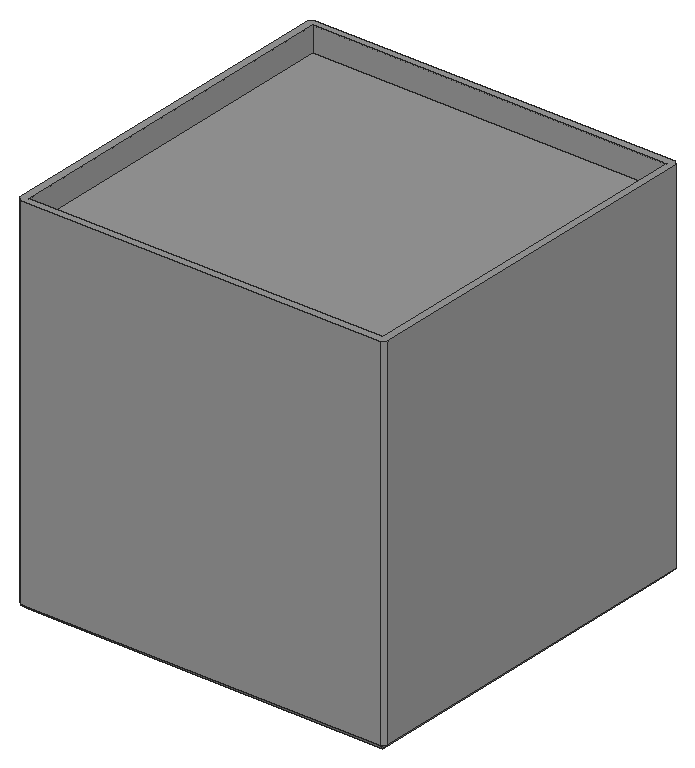
Revit family "Вазон для цветов «Хай-тек квадро»", category Антураж, Revit 2017
Family settings
  На основе рабочей плоскости = Нет
  Всегда вертикально = Да
  При загрузке вырезать с полостями = Нет
  Источник визуального образа = Геометрия семейства
  Общий = Нет
  Точка расчета площади = Нет
Parameters (values of type "Вазон для цветов «Хай-тек квадро» 600х600х600")
  Стоимость = 25886
  Изготовитель = "ООО \"Хоббика\""
  Высота = 0 mm
  АDSK_Материал вазона = Сталь, хромированная
  b = ADSK_Размер_Ширина / 2 - 11 mm  # 289 mm
  URL = "https://hobbyka.ru/product/vazon_dlya_tsvetov_khaytek_kvadro/?sphrase_id=80084"
  ADSK_Размер_Ширина = ADSK_Размер_Высота  # 600 mm
  ADSK_Размер_Высота = 600 mm
  ADSK_Наименование = "Вазон для цветов «Хай-тек квадро»"
  ADSK_Код изделия = "6770"
Types (5, lengths in mm): name | Стоимость | b | ADSK_Размер_Ширина | ADSK_Размер_Высота
  (no name) | 25886 | 289 | 600 | 600
  Вазон для цветов «Хай-тек квадро» 300х300х300 | 6885 | 139 | 300 | 300
  Вазон для цветов «Хай-тек квадро» 400х400х400 | 11880 | 189 | 400 | 400
  Вазон для цветов «Хай-тек квадро» 500х500х500 | 18225 | 239 | 500 | 500
  Вазон для цветов «Хай-тек квадро» 600х600х600 | 25886 | 289 | 600 | 600
Reference planes
  plane 1 "По центру (Вперед/Назад)": y = 0
  plane 2: z = 0
  plane 3 "По центру (Влево/Вправо)": x = 0
Forms (mm)
  Extrusion 1, solid, material "Сталь, хромированная" <- "АDSK_Материал вазона"
    sketch origin (0, 0, 0) x (1, 0, 0) y (0, 1, 0)
      loop
        line (300, 293) -> (293, 300) -> (-293, 300) -> (-300, 293) -> (-300, -293) -> (-293, -300) -> (293, -300) -> (300, -293) -> (300, 293)
      loop
        line (288.75, -288.75) -> (288.75, 288.75) -> (-288.75, 288.75) -> (-288.75, -288.75) -> (288.75, -288.75)
    from 10 to 600
  Blend 2, solid, material "Сталь, хромированная" <- "АDSK_Материал вазона"
    base sketch origin (0, 0, 0) x (1, 0, 0) y (0, 1, 0)
      loop
        line (293, 300) -> (-293, 300) -> (-300, 293) -> (-300, -293) -> (-293, -300) -> (293, -300) -> (300, -293) -> (300, 293) -> (293, 300)
    top sketch origin (0, 0, 0) x (1, 0, 0) y (0, 1, 0)
      loop
        line (289, -289) -> (289, 289) -> (-289, 289) -> (-289, -289) -> (289, -289)
    from 10 to 0
  Extrusion 3, solid, material "Земля"
    sketch origin (0, 0, 0) x (1, 0, 0) y (0, 1, 0)
      loop
        line (289, -289) -> (289, 289) -> (-289, 289) -> (-289, -289) -> (289, -289)
    from 10 to 559.653
Cuts and joins
  joined: Extrusion 1, Blend 2
Dimensions and locks
  locked: cut or joined group of Extrusion 1, Blend 2 to cut or joined group of Extrusion 1, Blend 2 at 11.25  (x4)
  equal spacing: cut or joined group of Extrusion 1, Blend 2, plane 3 "По центру (Влево/Вправо)", cut or joined group of Extrusion 1, Blend 2
  "ADSK_Размер_Ширина": cut or joined group of Extrusion 1, Blend 2 to cut or joined group of Extrusion 1, Blend 2  (x2)
  equal spacing: cut or joined group of Extrusion 1, Blend 2, plane 1 "По центру (Вперед/Назад)", cut or joined group of Extrusion 1, Blend 2
  "b": plane 3 "По центру (Влево/Вправо)" to Extrusion 3
  equal spacing: Extrusion 3, plane 3 "По центру (Влево/Вправо)", Extrusion 3
  equal spacing: Blend 2 sketch curve, plane 3 "По центру (Влево/Вправо)", Blend 2 sketch curve  (x2)
  equal spacing: Blend 2 sketch curve, plane 1 "По центру (Вперед/Назад)", Blend 2 sketch curve  (x2)
  "ADSK_Размер_Ширина": Blend 2 sketch curve to Blend 2 sketch curve  (x2)
  "b": Blend 2 sketch curve to plane 1 "По центру (Вперед/Назад)"
  "b": plane 3 "По центру (Влево/Вправо)" to Blend 2 sketch curve
  "ADSK_Размер_Высота": cut or joined group of Extrusion 1, Blend 2 to level
  equal spacing: Extrusion 3 sketch curve, plane 1 "По центру (Вперед/Назад)", Extrusion 3 sketch curve
  "b": plane 1 "По центру (Вперед/Назад)" to Extrusion 3 sketch curve
  locked: cut or joined group of Extrusion 1, Blend 2 to Extrusion 3 at 40.347
  aligned and locked: level to plane 2
Automatic sketch dimensions
  Extrusion 1 sketch curve to plane 3 "По центру (Влево/Вправо)" = 300 mm
  Extrusion 1 sketch curve to Extrusion 1 sketch curve = 7 mm  (x6)
  Extrusion 1 sketch curve to Extrusion 1 sketch curve = 11.25 mm
  plane 3 "По центру (Влево/Вправо)" to Extrusion 1 sketch curve = 288.75 mm
  Extrusion 1 sketch curve to Extrusion 1 sketch curve = 4.25 mm  (x5)
  plane 1 "По центру (Вперед/Назад)" to Extrusion 1 sketch curve = 300 mm
  Extrusion 1 sketch curve to plane 1 "По центру (Вперед/Назад)" = 288.75 mm
  Blend 2 sketch curve to Blend 2 sketch curve = 7 mm  (x8)
  Extrusion 3 sketch curve to plane 3 "По центру (Влево/Вправо)" = 289 mm
  plane 3 "По центру (Влево/Вправо)" to Extrusion 3 sketch curve = 289 mm
